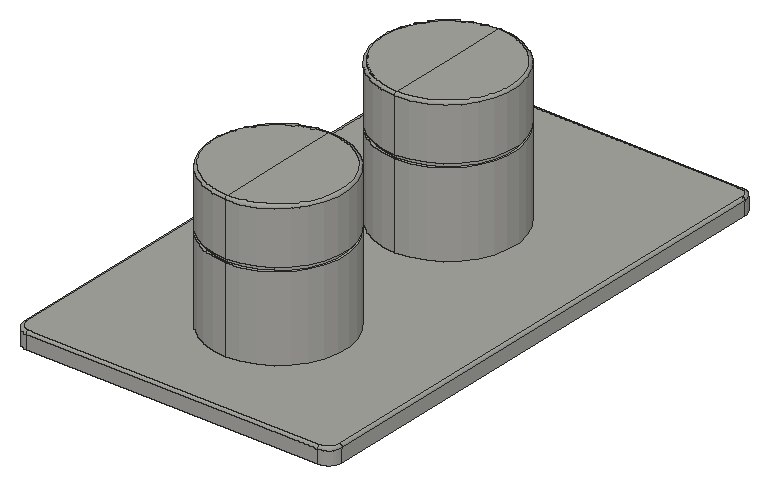
Revit family "MixerTap_Wall_Abey_PocoP_BathShower_Rectangular_FaceBased", category Plumbing Fixtures, host Face, Revit 2022
Family settings
  Host = Face
  Round Connector Dimension = Use Diameter
  Part Type = Normal
  OmniClass Number = 23.31.11.19
  OmniClass Title = Faucet Mixing Valves
  Cut with Voids When Loaded = No
  Maintain Annotation Orientation = No
  Shared = No
  Room Calculation Point = No
Parameters (values of type "Gun Metal (8SHD-EXT-GM-LF)")
  Waste Connection = no
  Vent Connection = no
  Uniclass2015Version = "Products v1.38"
  Uniclass2015Title = "Mixer taps"
  Uniclass2015Code = "Pr_40_20_87_55"
  URL = "https://www.abey.com.au/"
  Type Comments = "Mixer Tap - Wall - Gun Metal"
  ModifiedIssue = 20251103
  Model = "8SHD-EXT-GM-LF"
  KnurledMaterial = Metal_Abey_GunMetal_Knurled
  BodyMaterial = Metal_Abey_GunMetal
  ManufacturerURLProductSpecific = "https://www.abeyspecifier.com.au/product/poco-p-wall-diverter-mixer/"
  ManufacturerSpecCode = Model  # "8SHD-EXT-GM-LF"
  ManufacturerOverallWidth = 120 mm  # constant formula
  ManufacturerOverallHeight = 200 mm  # constant formula
  ManufacturerOverallDepth = 60 mm  # constant formula
  Manufacturer = "Abey"  # constant formula
  Keynote = ""
  IfcExportType = "FAUCET"
  IfcExportAs = "ifcValve"
  HW Connection = yes
  Description = "Poco P Wall Diverter Mixer"
  Default Elevation = 0 mm
  CreatedByURL = "https://igsgroup.com.au"
  CreatedBy = "IGS BIM Solutions"  # constant formula
  Cost = 0
  CW Connection = yes
  Assembly Code = "C1030210"
Types (3, lengths in mm): name | Type Comments | Model | KnurledMaterial | BodyMaterial | ManufacturerSpecCode
  Gun Metal (8SHD-EXT-GM-LF) | "Mixer Tap - Wall - Gun Metal" | "8SHD-EXT-GM-LF" | Metal_Abey_GunMetal_Knurled | Metal_Abey_GunMetal | "8SHD-EXT-GM-LF"
  Brushed Nickel (8SHD-EXT-BN-LF) | "Mixer Tap - Wall - Brushed Nickel" | "8SHD-EXT-BN-LF" | Metal_Abey_BrushedNickel_Knurled | Metal_Abey_BrushedNickel | "8SHD-EXT-BN-LF"
  Brushed Brass (8SHD-EXT-BB-LF) | "Mixer Tap - Wall - Brushed Brass" | "8SHD-EXT-BB-LF" | Metal_Abey_Brass_Knurled | Metal_Abey_Brass | "8SHD-EXT-BB-LF"
Reference planes
  plane 1 "Center (Elevation)": y = -95.75
  plane 2 "Back": z = 0
  plane 3 "Center (Left/Right)": x = 18.07
  plane 4 "Bottom": y = -195.75
  plane 5 "Top": y = 4.25
  plane 6 "Left": x = -41.93
  plane 7 "Right": x = 78.07
  plane 8 "Front": z = 60
Forms (mm)
  Extrusion 1, void
    sketch origin (0, 0, 0) x (1, 0, 0) y (0, 1, 0)
      loop
        arc (-36.93, 4.25) -> (-40.466, 2.786) -> (-41.93, -0.75) r 5
        line (-41.93, -0.75) -> (-41.93, -190.75)
        arc (-41.93, -190.75) -> (-40.466, -194.286) -> (-36.93, -195.75) r 5
        line (-36.93, -195.75) -> (73.07, -195.75)
        arc (73.07, -195.75) -> (76.605, -194.286) -> (78.07, -190.75) r 5
        line (78.07, -190.75) -> (78.07, -0.75)
        arc (78.07, -0.75) -> (76.605, 2.786) -> (73.07, 4.25) r 5
        line (73.07, 4.25) -> (-36.93, 4.25)
    from 0 to -30
Text (mm)
  text "Disclaimer:\nDue to ongoing product development and manufacturing evolution, product details are subject to change without notice. Please refer to product technical data sheets on the manufacturers website for the most current product information. Please allow a +/- 5mm manufacturing tolerance for dimensions and set-outs shown in product literature." at (183.049, -13.421, 0), in view "Ref. Level"
Dimensions and locks
  "ManufacturerOverallDepth": plane 8 "Front" to plane 2 "Back"
  "ManufacturerOverallWidth": plane 6 "Left" to plane 7 "Right"
  "ManufacturerOverallHeight": plane 4 "Bottom" to plane 5 "Top"
  equal spacing: plane 6 "Left", plane 3 "Center (Left/Right)", plane 7 "Right"
  equal spacing: plane 4 "Bottom", plane 1 "Center (Elevation)", plane 5 "Top"
  aligned and locked: plane 2 "Back" to host face
  aligned and locked: level to host face
  aligned and locked: nested 1 to plane 3 "Center (Left/Right)"
  aligned and locked: nested 1 to plane 1 "Center (Elevation)"
Automatic sketch dimensions
  host sketch curve to host sketch curve = 149.318 mm
  host sketch curve to host sketch curve = 228.307 mm
  Extrusion 1 sketch curve to plane 6 "Left" = 0 mm
  Extrusion 1 sketch curve to plane 4 "Bottom" = 0 mm
  plane 5 "Top" to Extrusion 1 sketch curve = 0 mm
  Extrusion 1 sketch curve to plane 7 "Right" = 0 mm
  plane 4 "Bottom" to Extrusion 1 sketch curve = 5 mm  (x2)
  plane 5 "Top" to Extrusion 1 sketch curve = 5 mm
  Extrusion 1 sketch curve to plane 7 "Right" = 5 mm
Nested families
  nested 1: "z_MixerTap_Wall_Abey_PocoP_BathShower_Rectangular" at (18.07, -95.75, 70) x (-1, 0, 0) z (0, -1, 0), type "Type 1"
Connectors
  piping at (18.07, -65.771, -2), diameter 12.7, driven by "HW Connection"
    settings: on nested 1, index 1, connector inside diameter 24", connector length 0 mm, flow factor 0, pipe flow 0.00 L/s, pressure drop 0 kPa, fitting loss kfactor 0, connector angle 0.00°, fixture units 0, engagement length 0 mm, angle of deflection 0.00°, flow configuration 2, flow direction 1, fitting loss method 0, system type 19, joint type 0, gender type 0, connector reference index -1, connector utility 1, adjustable connector no, is connector primary yes, connector description "Hot Water Supply"
  piping at (18.07, -145.771, -2), diameter 12.7, driven by "CW Connection"
    settings: on nested 1, index 2, connector inside diameter 24", connector length 0 mm, flow factor 0, pipe flow 0.00 L/s, pressure drop 0 kPa, fitting loss kfactor 0, connector angle 0.00°, fixture units 0, engagement length 0 mm, angle of deflection 0.00°, flow configuration 2, flow direction 1, fitting loss method 0, system type 20, joint type 0, gender type 0, connector reference index -1, connector utility 1, adjustable connector no, is connector primary no, connector description "Cold Water Supply"
Definition of nested family "z_MixerTap_Wall_Abey_PocoP_BathShower_Rectangular"
  Parameters (values of type "Type 1")
    Waste Connection = no
    Vent Connection = no
    Uniclass2015Version = ""
    Uniclass2015Title = ""
    Uniclass2015Code = ""
    URL = "https://www.abey.com.au/"
    Type Comments = ""
    ModifiedIssue = 0
    Model = ""
    KnurledMaterial = none
    HW Connection = no
    Default Elevation = 0 mm
    CW Connection = no
    BodyMaterial = none
    ManufacturerURLProductSpecific = ""
    ManufacturerSpecCode = ""
    ManufacturerOverallWidth = 120 mm  # constant formula
    ManufacturerOverallHeight = 200 mm  # constant formula
    ManufacturerOverallDepth = 60 mm  # constant formula
    Manufacturer = "Abey"  # constant formula
    IfcExportType = ""
    IfcExportAs = ""
    Description = ""
    CreatedByURL = "https://igsgroup.com.au"
    CreatedBy = "IGS BIM Solutions"  # constant formula
    Assembly Code = ""
  Reference planes
    plane 1 "Ref. Level": z = 0
    plane 2 "Center (Left/Right)": x = 0
    plane 3 "Left": x = -60
    plane 4 "Right": x = 60
    plane 5 "Back": y = 70
    plane 6 "Front": y = 10
    plane 7 "Bottom": z = -100
    plane 8 "Center (Elevation)": z = 0
    plane 9 "Top": z = 100
  Forms (mm)
    Extrusion 1, solid, material <- "BodyMaterial"
      sketch origin (0, 10, 0) x (1, 0, 0) y (0, 0, -1)
        loop
          arc (-60, -95) -> (-58.536, -98.536) -> (-55, -100) r 5
          line (-55, -100) -> (55, -100)
          arc (55, -100) -> (58.536, -98.536) -> (60, -95) r 5
          line (60, -95) -> (60, 95)
          arc (60, 95) -> (58.536, 98.536) -> (55, 100) r 5
          line (55, 100) -> (-55, 100)
          arc (-55, 100) -> (-58.536, 98.536) -> (-60, 95) r 5
          line (-60, 95) -> (-60, -95)
      from 54 to 60
    Revolve 2, solid, material <- "BodyMaterial"
      sketch origin (0, 0, 0) x (0, 1, 0) y (0, 0, 1)
        loop
          line (64, 50) -> (64, 75) -> (32.349, 75) -> (32.349, 74) -> (30.849, 74) -> (30.849, 75) -> (11, 75)
          arc (11, 75) -> (10.293, 74.707) -> (10, 74) r 1
          line (10, 74) -> (10, 50) -> (64, 50)
        axis (64, 50) -> (10, 50)
      angle from 0 to 360
    Revolve 3, solid, material <- "BodyMaterial"
      sketch origin (0, 0, 2020) x (0, 1, 0) y (0, 0, -1)
        loop
          line (64, 2050) -> (64, 2075) -> (32.349, 2075) -> (32.349, 2074) -> (30.849, 2074) -> (30.849, 2075) -> (11, 2075)
          arc (11, 2075) -> (10.293, 2074.707) -> (10, 2074) r 1
          line (10, 2074) -> (10, 2050) -> (64, 2050)
        axis (64, 2050) -> (10, 2050)
      angle from 0 to 360
    Extrusion 4, solid, material <- "BodyMaterial"
      sketch origin (0, 40, 0) x (1, 0, 0) y (0, 0, 1)
        loop
          circle (0, 50.021) r 6.35
      from -32 to -30
    Extrusion 5, solid, material <- "BodyMaterial"
      sketch origin (0, 40, -80) x (1, 0, 0) y (0, 0, 1)
        loop
          circle (0, 50.021) r 6.35
      from -32 to -30
    Sweep 6, void
      path origin (0, 70, 0) x (1, 0, 0) y (0, 0, 1)
        loop
          line (55, 100) -> (-55, 100)
          arc (-55, 100) -> (-58.536, 98.536) -> (-60, 95) r 5
          line (-60, 95) -> (-60, -95)
          arc (-60, -95) -> (-58.536, -98.536) -> (-55, -100) r 5
          line (-55, -100) -> (55, -100)
          arc (55, -100) -> (58.536, -98.536) -> (60, -95) r 5
          line (60, -95) -> (60, 95)
          arc (60, 95) -> (58.536, 98.536) -> (55, 100) r 5
      profile origin (0, 70, 100) x (0, 0, -1) y (0, -1, 0)
        loop
          line (0, 6) -> (0, 5)
          arc (0, 5) -> (0.293, 5.707) -> (1, 6) r 1
          line (1, 6) -> (0, 6)
  Cuts and joins
    Sweep 6 cuts Extrusion 1
  Lines and regions (mm)
    Masking region 1
      outline origin (0, 0, 100) x (0, -1, 0) y (1, 0, 0)
        loop
          line (-70, 60) -> (-70, -60) -> (-64, -60) -> (-64, -25.003) -> (-32.587, -25.003) -> (-32.587, -23) -> (-30.587, -23) -> (-30.587, -25.003) -> (-11, -25.003)
          arc (-11, -25.003) -> (-10.293, -24.71) -> (-10, -24.003) r 1
          line (-10, -24.003) -> (-10, 24.003)
          arc (-10, 24.003) -> (-10.293, 24.71) -> (-11, 25.003) r 1
          line (-11, 25.003) -> (-30.587, 25.003) -> (-30.587, 23) -> (-32.587, 23) -> (-32.587, 25.003) -> (-64, 25.003) -> (-64, 60) -> (-70, 60)
    symbolic lines, detail levels medium+fine
      curve 1: line (-25.003, 64, 100) -> (25.003, 64, 100)
    symbolic lines, detail levels fine
      curve 2: line (-23, 32.587, 100) -> (23, 32.587, 100)
      curve 3: line (-23, 30.587, 100) -> (23, 30.587, 100)
  Dimensions and locks
    "ManufacturerOverallWidth": plane 3 "Left" to plane 4 "Right"
    "ManufacturerOverallDepth": plane 5 "Back" to plane 6 "Front"
    equal spacing: plane 9 "Top", plane 8 "Center (Elevation)", plane 7 "Bottom"
    "ManufacturerOverallHeight": plane 9 "Top" to plane 7 "Bottom"
    equal spacing: plane 3 "Left", plane 2 "Center (Left/Right)", plane 4 "Right"
    aligned and locked: level to plane 1 "Ref. Level"
  Automatic sketch dimensions
    Extrusion 1 sketch curve to plane 3 "Left" = 0 mm
    Extrusion 1 sketch curve to plane 7 "Bottom" = 0 mm
    Extrusion 1 sketch curve to plane 9 "Top" = 0 mm
    plane 4 "Right" to Extrusion 1 sketch curve = 0 mm
    Extrusion 1 sketch curve to plane 3 "Left" = 5 mm  (x2)
    Extrusion 1 sketch curve to plane 4 "Right" = 5 mm  (x2)
    Extrusion 4 sketch curve to plane 2 "Center (Left/Right)" = 0 mm
    plane 9 "Top" to Extrusion 4 sketch curve = 49.979 mm
    Extrusion 5 sketch curve to plane 2 "Center (Left/Right)" = 0 mm
    plane 8 "Center (Elevation)" to Extrusion 5 sketch curve = 29.979 mm
    Masking region 1 sketch curve to plane 3 "Left" = 0 mm
    plane 5 "Back" to Masking region 1 sketch curve = 0 mm
    Masking region 1 sketch curve to plane 4 "Right" = 0 mm
    Masking region 1 sketch curve to plane 6 "Front" = 0 mm
    plane 5 "Back" to Masking region 1 sketch curve = 6 mm  (x2)
    Masking region 1 sketch curve to Masking region 1 sketch curve = 2 mm  (x2)
    plane 6 "Front" to Masking region 1 sketch curve = 1 mm  (x2)
    Masking region 1 sketch curve to plane 2 "Center (Left/Right)" = 25.003 mm
    Masking region 1 sketch curve to Masking region 1 sketch curve = 0 mm
    Masking region 1 sketch curve to Masking region 1 sketch curve = 2.003 mm
    plane 2 "Center (Left/Right)" to Masking region 1 sketch curve = 23 mm
    Masking region 1 sketch curve to Masking region 1 sketch curve = 1.003 mm
    plane 2 "Center (Left/Right)" to Masking region 1 sketch curve = 25.003 mm
    plane 5 "Back" to curve 1 = 6 mm
    curve 1 to plane 2 "Center (Left/Right)" = 25.003 mm
    plane 2 "Center (Left/Right)" to curve 1 = 25.003 mm
    curve 2 to curve 3 = 2 mm
    curve 2 to plane 2 "Center (Left/Right)" = 23 mm
    curve 3 to curve 2 = 0 mm  (x2)
    plane 2 "Center (Left/Right)" to curve 2 = 23 mm
    Sweep 6 sketch curve to plane 3 "Left" = 0 mm
    Sweep 6 sketch curve to plane 7 "Bottom" = 0 mm
    Sweep 6 sketch curve to plane 9 "Top" = 0 mm
    plane 4 "Right" to Sweep 6 sketch curve = 0 mm
    plane 3 "Left" to Sweep 6 sketch curve = 5 mm  (x2)
    plane 4 "Right" to Sweep 6 sketch curve = 5 mm  (x2)
    Sweep 6 sketch curve to profile plane = 0 mm
    plane 5 "Back" to Sweep 6 sketch curve = 5 mm
    Sweep 6 sketch curve to Sweep 6 sketch curve = 1 mm
    Revolve 2 sketch curve to plane 6 "Front" = 0 mm  (x2)
    plane 6 "Front" to Revolve 2 sketch curve = 1 mm
    plane 5 "Back" to Revolve 2 sketch curve = 6 mm
    Revolve 2 sketch curve to plane 8 "Center (Elevation)" = 50 mm
    Revolve 2 sketch curve to Revolve 2 sketch curve = 24 mm
    plane 9 "Top" to Revolve 2 sketch curve = 25 mm
    Revolve 2 sketch curve to plane 6 "Front" = 15 mm
    Revolve 2 sketch curve to Revolve 2 sketch curve = 0 mm
    Revolve 2 sketch curve to Revolve 2 sketch curve = 1.5 mm
    Revolve 2 sketch curve to Revolve 2 sketch curve = 1 mm
    Revolve 3 sketch curve to plane 6 "Front" = 0 mm  (x2)
    Revolve 3 sketch curve to plane 6 "Front" = 1 mm
    Revolve 3 sketch curve to plane 5 "Back" = 6 mm
    Revolve 3 sketch curve to plane 8 "Center (Elevation)" = 30 mm
    Revolve 3 sketch curve to Revolve 3 sketch curve = 24 mm
    plane 6 "Front" to Revolve 3 sketch curve = 15 mm
    Revolve 3 sketch curve to Revolve 3 sketch curve = 0 mm
    Revolve 3 sketch curve to Revolve 3 sketch curve = 1.5 mm
    Revolve 3 sketch curve to Revolve 3 sketch curve = 1 mm
    Revolve 3 sketch curve to Revolve 3 sketch curve = 25 mm
    plane 6 "Front" to curve 2 = 22.587 mm
    Revolve 2 sketch curve to Revolve 2 sketch curve = 19.849 mm
    Revolve 3 sketch curve to Revolve 3 sketch curve = 19.849 mm
    Masking region 1 sketch curve to Masking region 1 sketch curve = 21.587 mm  (x2)
    radius of Extrusion 4 sketch curve = 6.35 mm
    radius of Extrusion 5 sketch curve = 6.35 mm
